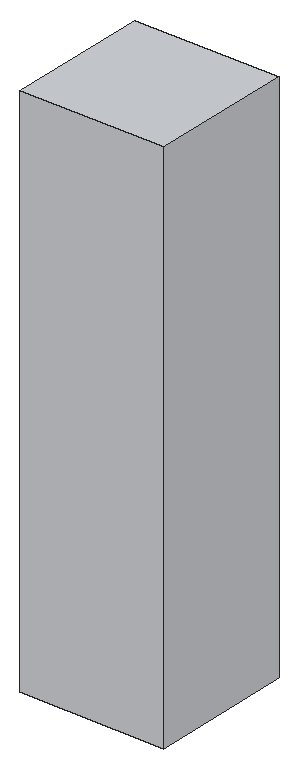
Revit family "test", category Columns, Revit 2017
Family settings
  OmniClass Number = 23.25.30.11.14.11
  OmniClass Title = Columns
  Cut with Voids When Loaded = No
  Automatically joins geometry to walls = Yes
  Shared = No
  Show family pre-cut in plan views = Yes
Parameters (values of type "D2-r")
  Width = 2' - 0"
  Depth = 2' - 0"
Types (9): name
  (no name)
  A1-v
  A2-r
  B1-v
  B2-r
  C1-v
  C2-r
  D1-v
  D2-r
Reference planes (in)
  plane 1 "Center (Front/Back)": y = 0
  plane 2: z = 0
  plane 3 "Center (Left/Right)": x = 0
  plane 4 "Left": x = -12
  plane 5 "Right": x = 12
  plane 6 "Back": y = 12
  plane 7 "Front": y = -12
Forms (in)
  Extrusion 1, solid
    sketch origin (0, 0, 0) x (1, 0, 0) y (0, 1, 0)
      loop
        line (-12, 12) -> (-12, -12) -> (12, -12) -> (12, 12) -> (-12, 12)
    from 0 to 89.87216
Dimensions and locks (in)
  equal spacing: plane 4 "Left", plane 3 "Center (Left/Right)", plane 5 "Right"
  equal spacing: plane 7 "Front", plane 1 "Center (Front/Back)", plane 6 "Back"
  "Depth": plane 7 "Front" to plane 6 "Back"
  "Width": plane 4 "Left" to plane 5 "Right"
  aligned and locked: level to plane 2
Automatic sketch dimensions
  Extrusion 1 sketch curve to plane 4 "Left" = 0' - 0"
  Extrusion 1 sketch curve to plane 5 "Right" = 0' - 0"
  plane 7 "Front" to Extrusion 1 sketch curve = 0' - 0"
  plane 6 "Back" to Extrusion 1 sketch curve = 0' - 0"
